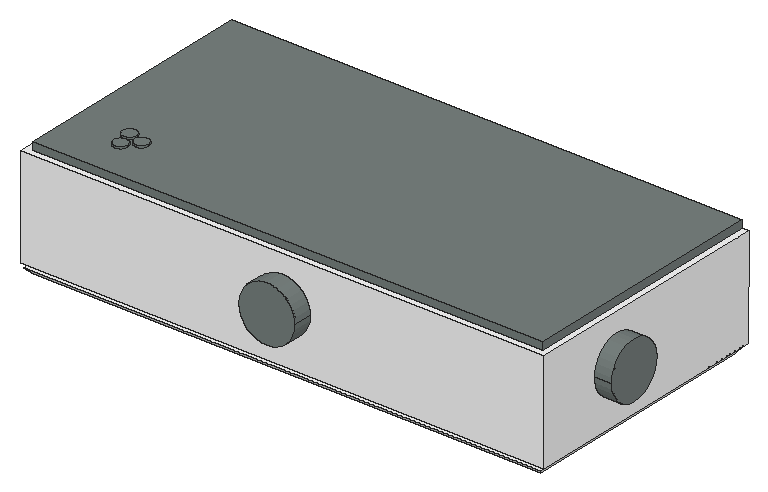
Revit family "AM 150 HDIDE", category Mechanical Equipment, Revit 2019
Family settings
  Round Connector Dimension = Use Diameter
  Part Type = Normal
  OmniClass Number = 23.75.00.00
  OmniClass Title = Climate Control (HVAC)
  Work Plane-Based = No
  Always vertical = Yes
  Cut with Voids When Loaded = No
  Shared = No
  Room Calculation Point = No
Parameters
  Weight (Standard Unit) = 47  # constant formula
  Water Heater Surface Return = 15 mm  # constant formula
  Water Heater Surface IN = 15 mm  # constant formula
  URL = "www.airmaster-as.com"
  Total Width = 1170 mm  # constant formula
  Total Hight = 262 mm  # constant formula
  T-C Duct Supply = 158 mm  # constant formula
  T-C Duct Exhaust = 158 mm  # constant formula
  Supply Air in = 125 mm  # constant formula
  Suply Air In = 125 mm  # constant formula
  Return Air = 125 mm  # constant formula
  R-C Duct Supply = 105 mm  # constant formula
  Phase 1 - Max Power Consumption = "1175 W"
  Phase 1 - Max Current = "7,97 A"
  Nominal current, electrical preheating surface = "4,35 A"
  Nominal current, electrical comfort heating surface = "2,17 A"
  Nominal current, air handling unit = "0,3 A"
  Network Conection = "AWG 24 CAT 5e STP"
  Model = "AM 150 HDIDE"
  Max. flow rate 35 dB(A) with ePM10 80% filters = 115.00 m³  # constant formula
  Max. flow rate 35 dB(A) with ePM10 55% filters = 126.00 m³  # constant formula
  Max. flow rate 35 dB(A) with ePM10 50% filters = 147.00 m³  # constant formula
  Max. flow rate 30 dB(A) with ePM10 80% filters = 85.00 m³  # constant formula
  Max. flow rate 30 dB(A) with ePM10 55% filters = 90.00 m³  # constant formula
  Max. flow rate 30 dB(A) with ePM10 50% filters = 115.00 m³  # constant formula
  Manufacturer = "Airmaster A/S"
  Maintenance [instance] = no
  L-C Duct Exhaust = 105 mm  # constant formula
  Exhaust Air = 125 mm  # constant formula
  Total Depth = 571 mm  # constant formula
  Electrical connection = "1 ~ 230 V / N / PE / 50 Hz"
  Drawn By = "LSB"
  Condensate = 6 mm  # constant formula
  BMS Panel = "(PTS) 2x2x0,6"
  BMS Out = "(PTS) 2x2x0,6"
  BMS IN = "(PTS) 2x2x0,6"
Reference planes
  plane 1 "Center (Front/Back)": y = 0
  plane 2: z = 0
  plane 3 "Center (Left/Right)": x = 0
  plane 4 "Center L/S": y = -571
  plane 5 "Center L/T": x = -585
  plane 6 "Center L/U": x = 585
  plane 7 "TOP": z = 262
  plane 8 "Center L/V": x = -570
  plane 9 "Center L/W": y = -556
  plane 10 "Center L/X": x = 570
  plane 11 "Panel Buttom": z = 20.747
  plane 12 "Panel Top": z = 246.501
  plane 13 "Hatch": z = 14.5
Forms (mm)
  Extrusion 1, solid, material "AM Grey"
    sketch origin (0, 0, 0) x (1, 0, 0) y (0, 1, 0)
      loop
        line (-570, 0) -> (-570, -556) -> (570, -556) -> (570, 0) -> (-570, 0)
    from 14.5 to 262
  Extrusion 2, solid, material "AM White"
    sketch origin (794.5, -1524, 20.747) x (0, -1, 0) y (-1, 0, 0)
      loop
        line (-1524, 1379.5) -> (-1524, 1364.5) -> (-968, 1364.5) -> (-968, 224.5) -> (-1524, 224.5) -> (-1524, 209.5) -> (-953, 209.5) -> (-953, 1379.5) -> (-1524, 1379.5)
    from 0 to -225.754
  Blend 3, solid, material "AM White"
    base sketch origin (-790.646, -1524, 14.5) x (0, -1, 0) y (1, 0, 0)
      loop
        line (-953, 212.613) -> (-953, 1368.657) -> (-1524, 1368.657) -> (-1524, 212.613) -> (-953, 212.613)
    top sketch origin (-790.646, -1524, 14.5) x (0, -1, 0) y (1, 0, 0)
      loop
        line (-968, 223.963) -> (-968, 1357.646) -> (-1509.161, 1357.646) -> (-1509.161, 223.963) -> (-968, 223.963)
    from 0 to -14.5
  Extrusion 4, solid, material "AM Grey"
    sketch origin (-570, 0, 0) x (1, 0, 0) y (0, 0, -1)
      loop
        circle (1050, -104) r 62.5
    from 0 to 18.45
  Extrusion 5, solid, material "AM Grey"
    sketch origin (-785, 0, 0) x (1, 0, 0) y (0, 0, -1)
      loop
        circle (305, -104) r 62.5
    from 0 to 18.45
  Extrusion 6, solid, material "Maintenece", visible <- "Maintenance"
    sketch origin (-790.646, -1524, 0) x (1, 0, 0) y (0, -1, 0)
      loop
        line (205.646, -1524) -> (1375.646, -1524) -> (1375.646, -953) -> (205.646, -953) -> (205.646, -1524)
    from 0 to 1200
  Extrusion 7, solid, material "AM Grey"
    sketch origin (-876.982, -12.495, 262) x (1, 0, 0) y (0, 1, 0)
      loop
        circle (423.027, -417.273) r 15.55
    from 0 to 3
  Extrusion 8, solid, material "AM Grey"
    sketch origin (-866.134, 5.874, 262) x (1, 0, 0) y (0, 1, 0)
      loop
        circle (447.132, -446.023) r 15.55
    from 0 to 3
  Extrusion 9, solid, material "AM Grey"
    sketch origin (-855.713, -13.073, 262) x (1, 0, 0) y (0, 1, 0)
      loop
        circle (410.201, -452.535) r 15.55
    from 0 to 3
  Extrusion 10, solid, material "AM Grey"
    sketch origin (585, 0, 20.747) x (0, -1, 0) y (0, 0, -1)
      loop
        circle (369, -122.253) r 62.5
    from 0 to 40
  Extrusion 11, solid, material "AM Grey"
    sketch origin (585, -571, 20.747) x (-1, 0, 0) y (0, 0, -1)
      loop
        circle (585, -122.253) r 62.5
    from 0 to 42
Dimensions and locks
  "Total Depth": plane 4 "Center L/S" to plane 1 "Center (Front/Back)"
  equal spacing: plane 5 "Center L/T", plane 3 "Center (Left/Right)", plane 6 "Center L/U"
  "Total Width": plane 5 "Center L/T" to plane 6 "Center L/U"
  "Total Hight": plane 7 "TOP" to level
  locked: plane 10 "Center L/X" to plane 6 "Center L/U" at 15
  locked: plane 4 "Center L/S" to plane 9 "Center L/W" at 15
  locked: plane 5 "Center L/T" to plane 8 "Center L/V" at 15
  Extrusion 1 to Blend 3 sketch curve = 14.839 mm
  "R-C Duct Supply": plane 6 "Center L/U" to Extrusion 4 sketch curve
  "T-C Duct Exhaust": Extrusion 5 sketch curve to plane 7 "TOP"
  "L-C Duct Exhaust": Extrusion 5 sketch curve to plane 5 "Center L/T"
  "T-C Duct Supply": plane 7 "TOP" to Extrusion 4 sketch curve
  Extrusion 10 sketch curve to plane 1 "Center (Front/Back)" = 369 mm
  Extrusion 11 sketch curve to plane 5 "Center L/T" = 585 mm
  plane 7 "TOP" to Extrusion 11 sketch curve = 119 mm
  "Suply Air In": diameter of Extrusion 4 sketch curve
  "Exhaust Air": diameter of Extrusion 5 sketch curve
  diameter of Extrusion 11 sketch curve = 125 mm
  aligned and locked: level to plane 2
  aligned and locked: plane 1 "Center (Front/Back)" to Extrusion 1 sketch curve
  aligned and locked: plane 8 "Center L/V" to Extrusion 1 sketch curve
  aligned and locked: Extrusion 1 sketch curve to plane 9 "Center L/W"
  aligned and locked: Extrusion 1 sketch curve to plane 10 "Center L/X"
  aligned and locked: plane 7 "TOP" to Extrusion 1
  aligned and locked: plane 5 "Center L/T" to Extrusion 2 sketch curve
  aligned and locked: plane 4 "Center L/S" to Extrusion 2 sketch curve
  aligned and locked: plane 6 "Center L/U" to Extrusion 2 sketch curve
  aligned and locked: Extrusion 2 sketch curve to Extrusion 1  (x3)
  aligned and locked: plane 1 "Center (Front/Back)" to Extrusion 2 sketch curve
  aligned and locked: Extrusion 2 to plane 12 "Panel Top"
  aligned and locked: Blend 3 to plane 2
  aligned and locked: plane 13 "Hatch" to Extrusion 1
Automatic sketch dimensions
  plane 1 "Center (Front/Back)" to Extrusion 2 sketch curve = 0 mm
  plane 1 "Center (Front/Back)" to Blend 3 sketch curve = 0 mm
  plane 4 "Center L/S" to Blend 3 sketch curve = 0 mm
  plane 5 "Center L/T" to Blend 3 sketch curve = 6.967 mm
  Blend 3 sketch curve to plane 6 "Center L/U" = 6.989 mm
  plane 9 "Center L/W" to Blend 3 sketch curve = 0 mm
  plane 8 "Center L/V" to Blend 3 sketch curve = 3.316 mm
  Blend 3 sketch curve to plane 10 "Center L/X" = 3 mm
  Extrusion 6 sketch curve to Blend 3 = 18.316 mm
  Extrusion 6 sketch curve to Blend 3 = 18 mm
  Extrusion 6 sketch curve to Blend 3 = 15 mm
  Extrusion 6 sketch curve to Blend 3 = 14.839 mm
  Extrusion 7 sketch curve to Extrusion 1 = 1023.955 mm
  Extrusion 7 sketch curve to Extrusion 1 = 126.232 mm
  Extrusion 8 sketch curve to Extrusion 1 = 989.002 mm
  Extrusion 8 sketch curve to Extrusion 1 = 115.851 mm
  Extrusion 9 sketch curve to Extrusion 1 = 1015.512 mm
  Extrusion 9 sketch curve to Extrusion 1 = 90.392 mm
  Extrusion 2 to Extrusion 10 sketch curve = 103.501 mm
  radius of Extrusion 7 sketch curve = 15.55 mm
  radius of Extrusion 8 sketch curve = 15.55 mm
  radius of Extrusion 9 sketch curve = 15.55 mm
  radius of Extrusion 10 sketch curve = 62.5 mm
Nested families
  nested 1: "Model Label 2019" at (0, -286.924, 0), Label <- "Model", type "Model Label 2019"
    with Label "AM 150 HDIDE"
Connectors
  electrical at (-453.955, -429.768, 262)
    settings: on Extrusion 7, index 13, voltage 230 V, apparent load 0 VA, apparent load phase1 0 VA, apparent load phase2 0 VA, apparent load phase3 0 VA, power factor 0.55, load classification "Other", number of poles 1, system type 30, power factor state 1, is connector primary yes, connector utility no, sub classification motor no, connector description ""
  electrical at (-419.002, -440.149, 262), driven by "BMS Out"
    settings: on Extrusion 8, index 14, voltage 0 V, apparent load 0 VA, apparent load phase1 0 VA, apparent load phase2 0 VA, apparent load phase3 0 VA, power factor 1, load classification "Other", number of poles 1, system type 5, power factor state 1, is connector primary no, connector utility no, sub classification motor no, connector description "(PTS) 2x2x0,6"
  electrical at (-445.512, -465.608, 262), driven by "BMS IN"
    settings: on Extrusion 9, index 15, voltage 0 V, apparent load 0 VA, apparent load phase1 0 VA, apparent load phase2 0 VA, apparent load phase3 0 VA, power factor 1, load classification "Other", number of poles 1, system type 5, power factor state 1, is connector primary no, connector utility no, sub classification motor no, connector description "(PTS) 2x2x0,6"
  hvac at (0, -571, 143), driven by "Suply Air In"
    settings: on Extrusion 11, index 19, duct flow 0.0 L/s, flow factor 0, pres drop 0.0 Pa, loss coef 0, conn angle 0.00°, conn width 304.8 mm, conn height 304.8 mm, conn diameter 125 mm, duct sys type 1, conn prof type 0, flow config 2, flow direction 2, loss method 0, conn ref index -1, conn util no, is conn primary yes, conn desc ""
  hvac at (585, -369, 143), driven by "Return Air"
    settings: on Extrusion 10, index 20, duct flow 0.0 L/s, flow factor 0, pres drop 0.0 Pa, loss coef 0, conn angle 0.00°, conn width 304.8 mm, conn height 304.8 mm, conn diameter 125 mm, duct sys type 2, conn prof type 0, flow config 2, flow direction 1, loss method 0, conn ref index -1, conn util no, is conn primary no, conn desc ""
  hvac at (-480, 0, 104), driven by "Exhaust Air"
    settings: on Extrusion 5, index 21, duct flow 0.0 L/s, flow factor 0, pres drop 0.0 Pa, loss coef 0, conn angle 0.00°, conn width 304.8 mm, conn height 304.8 mm, conn diameter 125 mm, duct sys type 3, conn prof type 0, flow config 2, flow direction 2, loss method 0, conn ref index -1, conn util no, is conn primary no, conn desc ""
  hvac at (480, 0, 104), driven by "Suply Air In"
    settings: on Extrusion 4, index 22, duct flow 0.0 L/s, flow factor 0, pres drop 0.0 Pa, loss coef 0, conn angle 0.00°, conn width 304.8 mm, conn height 304.8 mm, conn diameter 125 mm, duct sys type 1, conn prof type 0, flow config 2, flow direction 1, loss method 0, conn ref index -1, conn util no, is conn primary no, conn desc ""
Definition of nested family "Model Label 2019"
  Parameters (values of type "Model Label 2019")
    Label [instance] = ""
  Reference planes
    plane 1: y = 0
    plane 2: x = 0
  Text (mm)
    label "Label" at (-0.131, 0.049, 0), shows "Label"
